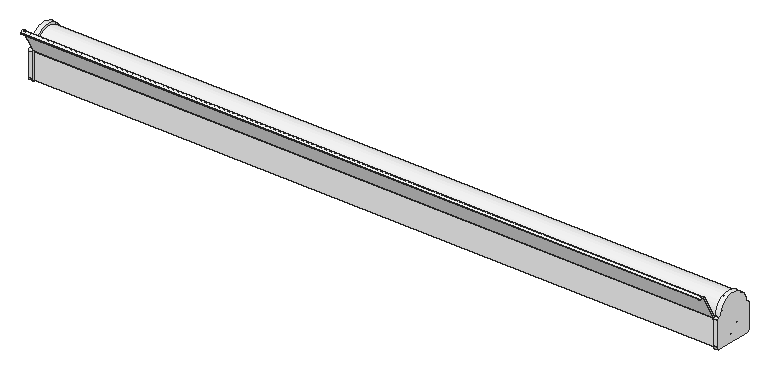
Revit family "0045196+0045234 Feilo Sylvania Lighting Fixture SYLBATTEN LED3 6000K DALI TP5 with ASYMMETRIC REFLECTOR ACCESSORY 1200MM", category Lighting Fixtures, host Face, Revit 2017
Family settings
  Host = Face
  Round Connector Dimension = Use Diameter
  Part Type = Normal
  OmniClass Number = 23.80.70.00
  OmniClass Title = Lighting
  Cut with Voids When Loaded = No
  Light Source = Yes
  Shared = No
  Room Calculation Point = No
Parameters (values of type "0045196 SYLBATTEN LED3 6000K DALI TP5")
  Width_FEILO = 66 mm
  Weight = "2.6 kg"
  Wattage Comments = "n/a"
  Wattage = 26 W
  WarrantyStartDate [instance] = "n/a"
  WarrantyGuarantorParts = "n/a"
  WarrantyDurationUnit = "n/a"
  WarrantyDurationParts = "n/a"
  WarrantyDescription = "n/a"
  built-in parameter 1150110 = 1 (stored number, unit not read)
  Voltage = 230 V
  URL = "http://www.sylvania-lighting.com"
  TypeName = "SYLBATTEN LED3 6000K DALI TP5"
  Type Image = <None>
  Type Comments = "n/a"
  built-in parameter 1114217 = 1 (stored number, unit not read)
  Tilt Angle = -90.00°
  built-in parameter 1150109 = 1 (stored number, unit not read)
  built-in parameter 1150134 = 5
  SymReflector_FEILO = no
  built-in parameter 1150113 = 1 (stored number, unit not read)
  SerialNumber [instance] = "n/a"
  PowerFactor = 0
  PowerConsumption = "26 W"
  Photometric Web File = "0045196+0045234.ies"
  NominalLength = 1205 mm
  NominalHeight = 76 mm
  NominalDepth = 66 mm
  Name = "SYLBATTEN LED3 6000K DALI TP5"
  ModelReference = Name  # "SYLBATTEN LED3 6000K DALI TP5"
  ModelNumber = "0045196"
  Model = Name  # "SYLBATTEN LED3 6000K DALI TP5"
  Material_4_FEILO = Reflector-Sylvania-Sylbatten-White
  Material_3_FEILO = Diffuser-Sylvania-Sylbatten-Glow
  Material_2_FEILO = Body-Sylvania-Sylbatten-White
  Material_1_FEILO = Body-Sylvania-Sylbatten-White
  Material = "sheet steel housing, polycarbonate diffuser"
  ManufacturerName = "Feilo Sylvania"
  Manufacturer = "Feilo Sylvania"
  LuminousEfficacy = "113 lm/W"
  built-in parameter 1150105 = 233.8 (stored number, unit not read)
  Lumens = 2938 lm
  LuminaireType = ""
  built-in parameter 1150115 = 1 (stored number, unit not read)
  LightOutputRatio = "100"
  built-in parameter 1150137 = (empty or 0)
  built-in parameter 1150139 = (empty or 0)
  Length_FEILO = 1205 mm
  LampsType = Lamp  # "LED"
  LampNominalLuminous = "2938 lm"
  LampMacAdamStep = "n/a"
  LampColourTemperature = "6000 K"
  LampColourRenderingIndex = "80"
  built-in parameter 1150112 = 1 (stored number, unit not read)
  built-in parameter 1150114 = 1 (stored number, unit not read)
  Lamp = "LED"
  Keynote = "16500"
  InstallationDate [instance] = "n/a"
  InputVoltage = "220-240V~"
  InputNominalFrequency = "n/a"
  built-in parameter 1150132 = (empty or 0)
  built-in parameter 1150102 = (empty or 0)
  built-in parameter 1150107 = 6000 (stored number, unit not read)
  built-in parameter 1150138 = (empty or 0)
  IngressProtection = "IP20"
  ImpactProtectionIndex = "IK07"
  built-in parameter 1150106 = 2.338 (stored number, unit not read)
  IfcExportType = "IfcLightFixtureType"
  IfcExportAs = "IfcLightFixtureType"
  Height_FEILO = 76 mm
  ExpectedLife = 50000
  Emit from Rectangle Width = Length_FEILO - 16 mm  # 1189 mm
  Emit from Rectangle Length = Width_FEILO - 40 mm  # 26 mm
  Emit Shape Visible in Rendering = no
  ElectricShockClassification = "Class I"
  built-in parameter 1150104 = 10.498 (stored number, unit not read)
  DurationUnit = "hours"
  DocumentationLiterature = "http://www.sylvania-lighting.com/product/en-int/products/0045196"
  DimmingControlOptions = "Dimmable"
  Dimming Lamp Color Temperature Shift = <None>
  Description = "LED batten, T8 replacement, ease of installation through 2 part push-in design of the housing (safety cable included), through wiring capability (TP5 = 5 core), sheet steel, 2938LM, 26W, 113lm/W, 6000K, drive current: 350mA, CRI 80, 138° wide beam angle, DALI dimmable, IP20, IK07, 50,000 hrs (L70), (LxWxH) 1205x66x76mm, 5 step MacAdam ellipse, 3kg, white RAL 9016, Class 1, 220-240V, energy class: A++, A+, A."
  Default Elevation = 1219.2 mm
  CreatedOn = "2/22/2018"
  CreatedBy = ""
  Cost = 0
  Color Filter = 16777215
  built-in parameter 1114216 [instance] = (empty or 0)
  ClassificationValue = "EF_70_80"
  ClassificationName = "Uniclass2015"
  CapOffset_FEILO = 2 mm
  BarCode [instance] = "n/a"
  built-in parameter 1114218 = 1 (stored number, unit not read)
  BackReflector_FEILO = and(not(AsymReflector_FEILO), SymReflector_FEILO)  # no
  built-in parameter 1150133 = 10 (stored number, unit not read)
  FrontReflector_FEILO = or(AsymReflector_FEILO, SymReflector_FEILO)  # yes
  AsymReflector_FEILO = yes
  AssetType = "Fixed"
  AssetIdentifier [instance] = "n/a"
  Assembly Code = "D5020200"
  Apparent Load = 26 VA
Reference planes
  plane 1 "Center (Front/Back)": y = 0
  plane 2: z = 0
  plane 3 "Center (Left/Right)": x = 0
  plane 4: x = 602.5
  plane 5: x = -602.5
  plane 6: y = 33
  plane 7: y = -33
  plane 8: z = 76
  plane 9: z = 47
  plane 10: y = -29
  plane 11: y = 29
  plane 12: z = 20
  plane 13: z = 74
  plane 14: y = -31
  plane 15: y = -27
  plane 16: y = 27
  plane 17: y = 31
  plane 18: z = 2
  plane 19: x = -594.5
  plane 20: x = 594.5
  plane 21: z = 49
  plane 22: y = 1
  plane 23: y = -1
  plane 24: z = 21
  plane 25: z = 19
  plane 26: y = -61
  plane 27: y = 61
  plane 28: y = -56
  plane 29: y = 56
  plane 30: z = 91
  plane 31: z = 88
Forms (mm)
  Extrusion 1, solid, material "Body-Sylvania-Sylbatten-White" <- "Material_2_FEILO"
    sketch origin (0, 0, 0) x (0, 1, 0) y (0, 0, 1)
      loop
        line (-31, 2) -> (31, 2) -> (31, 45)
        arc (31, 45) -> (30.414, 46.414) -> (29, 47) r 2
        line (29, 47) -> (27, 47)
        arc (27, 47) -> (0, 74) -> (-27, 47) r 27
        line (-27, 47) -> (-29, 47)
        arc (-29, 47) -> (-30.414, 46.414) -> (-31, 45) r 2
        line (-31, 45) -> (-31, 2)
    from -594.5 to 594.5
  Extrusion 2, solid, material "Body-Sylvania-Sylbatten-White" <- "Material_2_FEILO"
    sketch origin (602.5, 1524, 1219.2) x (0, 1, 0) y (0, 0, 1)
      loop
        arc (-1494, -1219.2) -> (-1491.879, -1218.321) -> (-1491, -1216.2) r 3
        line (-1491, -1216.2) -> (-1491, -1173.2)
        arc (-1491, -1173.2) -> (-1491.879, -1171.079) -> (-1494, -1170.2) r 3
        line (-1494, -1170.2) -> (-1495.069, -1170.2)
        arc (-1495.069, -1170.2) -> (-1524, -1143.2) -> (-1552.931, -1170.2) r 29
        line (-1552.931, -1170.2) -> (-1554, -1170.2)
        arc (-1554, -1170.2) -> (-1556.121, -1171.079) -> (-1557, -1173.2) r 3
        line (-1557, -1173.2) -> (-1557, -1216.2)
        arc (-1557, -1216.2) -> (-1556.121, -1218.321) -> (-1554, -1219.2) r 3
        line (-1554, -1219.2) -> (-1494, -1219.2)
      loop
        arc (-1525, -1189.25) -> (-1531.071, -1192.129) -> (-1533.95, -1198.2) r 10
        line (-1533.95, -1198.2) -> (-1532.944, -1198.2)
        arc (-1532.944, -1198.2) -> (-1530.364, -1192.836) -> (-1525, -1190.256) r 9
        line (-1525, -1190.256) -> (-1525, -1189.25)
      loop
        arc (-1523, -1190.256) -> (-1517.636, -1192.836) -> (-1515.056, -1198.2) r 9
        line (-1515.056, -1198.2) -> (-1514.05, -1198.2)
        arc (-1514.05, -1198.2) -> (-1516.929, -1192.129) -> (-1523, -1189.25) r 10
        line (-1523, -1189.25) -> (-1523, -1190.256)
      loop
        line (-1532.944, -1200.2) -> (-1533.95, -1200.2)
        arc (-1533.95, -1200.2) -> (-1531.071, -1206.271) -> (-1525, -1209.15) r 10
        line (-1525, -1209.15) -> (-1525, -1208.144)
        arc (-1525, -1208.144) -> (-1530.364, -1205.564) -> (-1532.944, -1200.2) r 9
      loop
        arc (-1515.056, -1200.2) -> (-1517.636, -1205.564) -> (-1523, -1208.144) r 9
        line (-1523, -1208.144) -> (-1523, -1209.15)
        arc (-1523, -1209.15) -> (-1516.929, -1206.271) -> (-1514.05, -1200.2) r 10
        line (-1514.05, -1200.2) -> (-1515.056, -1200.2)
    from 0 to -8
  Extrusion 3, solid, material "Body-Sylvania-Sylbatten-White" <- "Material_2_FEILO"
    sketch origin (-602.5, 1524, 1219.2) x (0, 1, 0) y (0, 0, 1)
      loop
        arc (-1495.069, -1170.2) -> (-1524, -1143.2) -> (-1552.931, -1170.2) r 29
        line (-1552.931, -1170.2) -> (-1554, -1170.2)
        arc (-1554, -1170.2) -> (-1556.121, -1171.079) -> (-1557, -1173.2) r 3
        line (-1557, -1173.2) -> (-1557, -1216.2)
        arc (-1557, -1216.2) -> (-1556.121, -1218.321) -> (-1554, -1219.2) r 3
        line (-1554, -1219.2) -> (-1494, -1219.2)
        arc (-1494, -1219.2) -> (-1491.879, -1218.321) -> (-1491, -1216.2) r 3
        line (-1491, -1216.2) -> (-1491, -1173.2)
        arc (-1491, -1173.2) -> (-1491.879, -1171.079) -> (-1494, -1170.2) r 3
        line (-1494, -1170.2) -> (-1495.069, -1170.2)
      loop
        line (-1533.95, -1198.2) -> (-1532.944, -1198.2)
        arc (-1532.944, -1198.2) -> (-1530.364, -1192.836) -> (-1525, -1190.256) r 9
        line (-1525, -1190.256) -> (-1525, -1189.25)
        arc (-1525, -1189.25) -> (-1531.071, -1192.129) -> (-1533.95, -1198.2) r 10
      loop
        line (-1523, -1189.25) -> (-1523, -1190.256)
        arc (-1523, -1190.256) -> (-1517.636, -1192.836) -> (-1515.056, -1198.2) r 9
        line (-1515.056, -1198.2) -> (-1514.05, -1198.2)
        arc (-1514.05, -1198.2) -> (-1516.929, -1192.129) -> (-1523, -1189.25) r 10
      loop
        line (-1514.05, -1200.2) -> (-1515.056, -1200.2)
        arc (-1515.056, -1200.2) -> (-1517.636, -1205.564) -> (-1523, -1208.144) r 9
        line (-1523, -1208.144) -> (-1523, -1209.15)
        arc (-1523, -1209.15) -> (-1516.929, -1206.271) -> (-1514.05, -1200.2) r 10
      loop
        line (-1525, -1209.15) -> (-1525, -1208.144)
        arc (-1525, -1208.144) -> (-1530.364, -1205.564) -> (-1532.944, -1200.2) r 9
        line (-1532.944, -1200.2) -> (-1533.95, -1200.2)
        arc (-1533.95, -1200.2) -> (-1531.071, -1206.271) -> (-1525, -1209.15) r 10
    from 0 to 8
  Extrusion 4, solid, material "Reflector-Sylvania-Sylbatten-White" <- "Material_4_FEILO", visible <- "FrontReflector_FEILO"
    sketch origin (0, 0, 0) x (0, 1, 0) y (0, 0, 1)
      loop
        line (-61.257, 88.429) -> (-60.743, 87.571) -> (-56.621, 90.044)
        arc (-56.621, 90.044) -> (-56.237, 90.099) -> (-55.929, 89.863) r 0.5
        line (-55.929, 89.863) -> (-31.435, 46.753) -> (-30.565, 47.247) -> (-55.312, 90.802)
        arc (-55.312, 90.802) -> (-55.928, 91.275) -> (-56.696, 91.165) r 1
        line (-56.696, 91.165) -> (-61.257, 88.429)
    from -594.5 to 594.5
  Extrusion 5, solid, material "Reflector-Sylvania-Sylbatten-White" <- "Material_4_FEILO", visible <- "BackReflector_FEILO"
    sketch origin (0, 0, 0) x (0, 1, 0) y (0, 0, 1)
      loop
        line (30.565, 47.247) -> (31.435, 46.753) -> (55.932, 89.868)
        arc (55.932, 89.868) -> (56.245, 90.112) -> (56.638, 90.062) r 0.518
        line (56.638, 90.062) -> (61.033, 87.565) -> (61.527, 88.435) -> (56.682, 91.188)
        arc (56.682, 91.188) -> (55.922, 91.282) -> (55.318, 90.812) r 1
        line (55.318, 90.812) -> (30.565, 47.247)
    from -594.5 to 594.5
Lines and regions (mm)
  reference lines
    curve 1: line (0, -61, 88) -> (0, -56, 91)
    curve 2: line (0, -56, 91) -> (0, -31, 47)
    curve 3: line (0, 31, 47) -> (0, 56, 91)
    curve 4: line (0, 56, 91) -> (0, 61.28, 88)
Dimensions and locks
  equal spacing: plane 5, plane 3 "Center (Left/Right)", plane 4
  equal spacing: plane 7, plane 1 "Center (Front/Back)", plane 6
  "Width_FEILO": plane 7 to plane 6
  "Length_FEILO": plane 5 to plane 4
  "Height_FEILO": plane 8 to plane 2
  locked: plane 9 to plane 8 at 29
  equal spacing: plane 10, plane 1 "Center (Front/Back)", plane 11
  locked: plane 7 to plane 10 at 4
  locked: plane 12 to plane 2 at 20
  "CapOffset_FEILO": plane 13 to plane 8
  "CapOffset_FEILO": plane 7 to plane 14
  "CapOffset_FEILO": plane 10 to plane 15
  "CapOffset_FEILO": plane 17 to plane 6
  "CapOffset_FEILO": plane 16 to plane 11
  "CapOffset_FEILO": plane 18 to plane 2
  locked: plane 14 to Extrusion 1 sketch curve at 2
  locked: Extrusion 1 sketch curve to plane 9 at 2  (x2)
  locked: plane 16 to Extrusion 1 sketch curve at 2
  equal spacing: plane 19, plane 3 "Center (Left/Right)", plane 20
  locked: plane 5 to plane 19 at 8
  "CapOffset_FEILO": plane 9 to plane 21
  locked: Extrusion 2 sketch curve to plane 2 at 47
  locked: Extrusion 1 sketch curve to plane 2 at 47
  locked: Extrusion 2 sketch curve to plane 2 at 3  (x2)
  locked: plane 7 to Extrusion 2 sketch curve at 3  (x2)
  locked: Extrusion 2 sketch curve to plane 6 at 3  (x2)
  locked: Extrusion 2 sketch curve to plane 21 at 3  (x2)
  equal spacing: plane 23, plane 1 "Center (Front/Back)", plane 22
  equal spacing: plane 25, plane 12, plane 24
  plane 30 to plane 31 to plane 2 = 3 mm locked, 88 mm locked
  plane 28 to plane 29 = 112 mm
  plane 26 to plane 27 = 122 mm
  aligned and locked: plane 2 to host face
  aligned and locked: level to host face
  aligned and locked: plane 18 to Extrusion 1 sketch curve
  aligned and locked: plane 14 to Extrusion 1 sketch curve
  aligned and locked: Extrusion 1 sketch curve to plane 9  (x2)
  aligned and locked: Extrusion 1 sketch curve to plane 17
  aligned and locked: plane 15 to Extrusion 1 sketch curve
  aligned and locked: plane 16 to Extrusion 1 sketch curve
  aligned and locked: plane 9 to Extrusion 1 sketch curve
  aligned and locked: plane 20 to Extrusion 1
  aligned and locked: level to Extrusion 2 sketch curve
  aligned and locked: Extrusion 2 sketch curve to plane 7
  aligned and locked: plane 21 to Extrusion 2 sketch curve
  aligned and locked: Extrusion 2 sketch curve to plane 21
  aligned and locked: plane 1 "Center (Front/Back)" to Extrusion 2 sketch curve  (x3)
  aligned and locked: Extrusion 2 to Extrusion 1
  aligned and locked: plane 4 to Extrusion 2
  aligned and locked: plane 12 to Extrusion 2 sketch curve  (x2)
  aligned and locked: Extrusion 2 sketch curve to plane 22
  aligned and locked: Extrusion 2 sketch curve to plane 23
  aligned and locked: Extrusion 2 sketch curve to plane 24
  aligned and locked: Extrusion 2 sketch curve to plane 25
  aligned and locked: plane 25 to Extrusion 2 sketch curve
  aligned and locked: plane 22 to Extrusion 2 sketch curve
  aligned and locked: plane 24 to Extrusion 2 sketch curve
  aligned and locked: plane 23 to Extrusion 2 sketch curve  (x2)
  aligned and locked: Extrusion 3 sketch curve to Extrusion 2  (x22)
  aligned and locked: Extrusion 3 to Extrusion 1
  aligned and locked: Extrusion 3 to plane 5
  aligned and locked: plane 19 to Extrusion 3
  aligned and locked: plane 31 to curve 1
  aligned and locked: plane 30 to curve 1
  aligned and locked: plane 14 to curve 2
  aligned and locked: plane 9 to curve 2
  aligned and locked: plane 17 to curve 3
  aligned and locked: plane 30 to curve 3
  aligned and locked: plane 31 to curve 4
  aligned and locked: Extrusion 4 sketch curve to curve 2
  aligned and locked: Extrusion 4 sketch curve to curve 1
  aligned and locked: Extrusion 4 to Extrusion 1
  aligned and locked: Extrusion 1 to Extrusion 4
  aligned and locked: imposter light to plane 1 "Center (Front/Back)"
  aligned and locked: imposter light to plane 3 "Center (Left/Right)"
  aligned and locked: imposter light to plane 13
  aligned and locked: Extrusion 5 sketch curve to curve 4
  aligned and locked: Extrusion 5 sketch curve to curve 3
  aligned and locked: Extrusion 1 to Extrusion 5
  aligned and locked: Extrusion 5 to Extrusion 1
Automatic sketch dimensions
  host sketch curve to host sketch curve = 2438.4 mm  (x2)
  Extrusion 2 sketch curve to Extrusion 2 sketch curve = 0 mm  (x14)
  Extrusion 2 sketch curve to plane 10 = 0.069 mm
  plane 23 to Extrusion 2 sketch curve = 8.95 mm
  Extrusion 2 sketch curve to Extrusion 2 sketch curve = 1.006 mm  (x4)
  Extrusion 2 sketch curve to plane 22 = 7.944 mm
  curve 1 to plane 26 = 0 mm
  curve 2 to plane 28 = 0 mm
  curve 4 to plane 29 = 0 mm
  plane 9 to curve 3 = 0 mm
  plane 26 to Extrusion 4 sketch curve = 0.257 mm
  Extrusion 4 sketch curve to plane 26 = 0.257 mm
  Extrusion 4 sketch curve to plane 30 = 0.165 mm
  plane 28 to Extrusion 4 sketch curve = 0.696 mm
  plane 28 to Extrusion 4 sketch curve = 0.621 mm
  plane 28 to Extrusion 4 sketch curve = 0.364 mm
  plane 28 to Extrusion 4 sketch curve = 0.182 mm
  Extrusion 4 sketch curve to plane 28 = 0.071 mm
  plane 30 to Extrusion 4 sketch curve = 0.198 mm
  Extrusion 4 sketch curve to plane 28 = 0.688 mm
  plane 9 to Extrusion 4 sketch curve = 0.247 mm
  plane 1 "Center (Front/Back)" to Extrusion 4 sketch curve = 31.435 mm
  Extrusion 5 sketch curve to plane 9 = 0.247 mm
  Extrusion 5 sketch curve to plane 1 "Center (Front/Back)" = 30.565 mm
  plane 9 to Extrusion 5 sketch curve = 0.247 mm
  plane 30 to Extrusion 5 sketch curve = 0.188 mm
  plane 29 to Extrusion 5 sketch curve = 0.068 mm
  Extrusion 5 sketch curve to plane 29 = 0.188 mm
  Extrusion 5 sketch curve to plane 29 = 0.382 mm
  Extrusion 5 sketch curve to Extrusion 5 sketch curve = 0.256 mm
  Extrusion 5 sketch curve to plane 30 = 0.188 mm
  Extrusion 5 sketch curve to plane 29 = 0.682 mm
  Extrusion 5 sketch curve to plane 27 = 0.033 mm
  Extrusion 5 sketch curve to plane 27 = 0.527 mm
Connectors
  electrical at (0, 0, 0), driven by "Apparent Load", driven by "PowerFactor", driven by "Voltage"
    settings: index 1, voltage 230 V, apparent load 26 VA, apparent load phase1 0 VA, apparent load phase2 0 VA, apparent load phase3 0 VA, power factor 0, load classification "Lighting", number of poles 1, system type 30, power factor state 1, is connector primary yes, connector utility no, sub classification motor no, connector description ""
